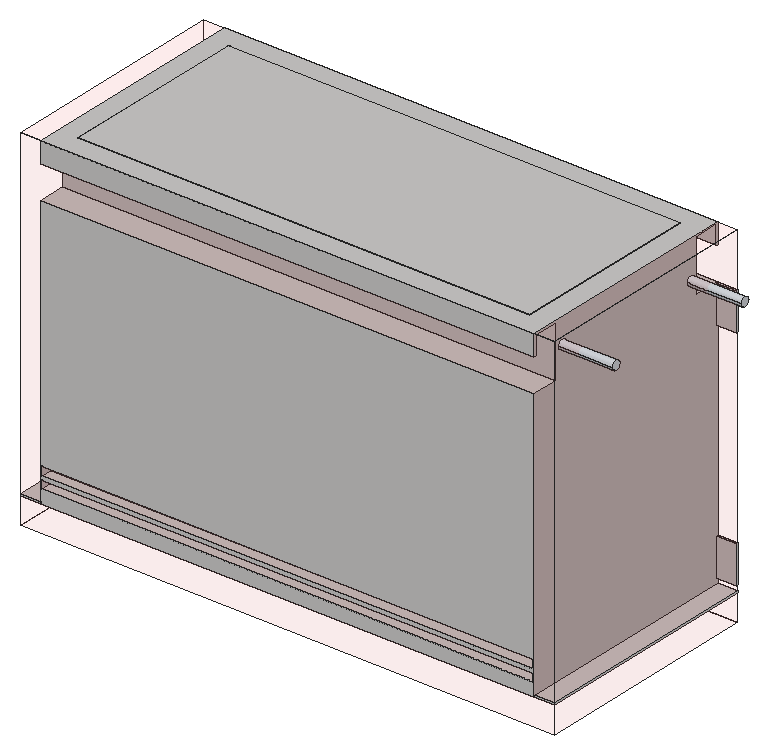
Revit family "Air-Curtain_Customer-Entry_PoweredAire_CHS", category Mechanical Equipment, host Face, Revit 2018
Family settings
  Host = Face
  Round Connector Dimension = Use Diameter
  Part Type = Normal
  OmniClass Number = 23.75.35.17.21
  OmniClass Title = Air Curtains
  Cut with Voids When Loaded = No
  Shared = No
  Room Calculation Point = No
Parameters
  upperrotation [instance] = if(Upper Pipe Connection Side A, 0.00°, 180.00°)  # 0.00°
  lowerrotation [instance] = if(Lower Pipe Connection Side A, 0.00°, 180.00°)  # 0.00°
  locateupperpipe [instance] = if(Upper Pipe Connection Side A, 0' 0", Nozzle Width)  # 0' - 0"
  locatelowerpipe [instance] = if(Lower Pipe Connection Side A, 0' 0", Nozzle Width)  # 0' - 0"
  Warranty Duration (Years) = 0
  Upper Pipe Connection Side A [instance] = yes
  Unit Width Notes = "Other Widths available."  # constant formula
  Unit Width = 3' - 3"
  Unit Weight = 0
  Unit Height = 1' - 4 3/4"
  Unit Depth [instance] = if(Include Filters, 2' 1 7/8", 1' 11 3/4")  # 1' - 11 3/4"
  URL = "http://www.poweredaire.com/"
  Test Data = ""
  Temperature Rise_Range = "as Specified"
  Standards Conformance = "as Specified"
  Specification = "http://www.arcat.com/sdspecs/htm04/23_34_33pai.htm"
  SpecWizard = ""
  Sound Pressure = "as Specified"
  Sales Information = "http://www.poweredaire.com/contact_us"
  Revision = "R1_2016-08"
  Projection from Host [instance] = 0' - 2"
  Product Properties = ""
  Product Data = "http://www.arcat.com/arcatcos/cos47/arc47623.html"
  Power Rating = 0 W
  Piping_Water Flow [instance] = 0 GPM
  Piping_Operating Pressure [instance] = 0.00 psi
  Piping_Exit Temperature [instance] = 0 °F
  Piping_Entry Temperature [instance] = 0 °F
  Pipe OD [instance] = 5/8"
  Outlet Volume_Range = "as Specified"
  Outlet Velocity_Range = "as Specified"
  Nozzle Width = if(1 = 1, Unit Width - 0' 3", 0' 0")  # 3' - 0"
  Mounting Width = if(1 = 1, Unit Width - 0' 1 1/2", 0' 0")  # 3' - 1 1/2"
  Mounting Height [instance] = 3' - 6"
  Motor RPM = 0
  Motor HP = 0
  Motor Count = 0
  Model = "As Specified"
  Max Height = 0' - 0"
  Manufacturer Website = "http://www.poweredaire.com/"
  Manufacturer Phone - Toll Free = "888-321-2473"
  Manufacturer Phone = "724-588-3305"
  Manufacturer Fax = "724-588-3371"
  Manufacturer Address = "109 Mortensen Rd.  Greenville, PA 16125"
  Manufacturer = "Powered Aire, Inc"
  Maintenance Schedule (Months) = 0
  Lower Pipe Connection Side A [instance] = yes
  Keynote = "23 34 33"
  Installation-Fabrication = ""
  Installation Phase = ""
  Include Filters [instance] = no
  Include Clearance [instance] = yes
  Heating Element Load = 0 W
  HVAC_Temperature Rise [instance] = 0 °F
  HVAC_Outlet Volume [instance] = 0 CFM
  HVAC_Outlet Velocity Uniformity = 0
  HVAC_Outlet Velocity [instance] = 0 FPM
  HVAC_BTU Input = 0.0 Btu/h
  Green Building-LEED = "http://www.arcat.com/green/clients/leed_data_47623.html"
  Front Grating Material [instance] = Metal - Steel - PoweredAire - Stainless 304 Perforated
  Frame Finish [instance] = Metal - Steel - PoweredAire - Stainless 304
  Expected Lifespan (Years) = 0
  Electrical_Wattage [instance] = Power Rating + Heating Element Load  # 0 W
  Electrical_Voltage [instance] = 0 V
  Electrical_Phase [instance] = 1
  Electrical_Frequency [instance] = 0 Hz
  Electrical_Amperage [instance] = 0 A
  Drawn By = "Sumex Design, Inc. / Robert S. Weygant, CSI, CDT, SCIP"
  Description = "Powered Aire Air Curtain as Specified"
  Default Elevation = 0' - 0"  # constant formula
  Copyright = "©Arcat Inc."
  Construction Details = "http://www.arcat.com/details/powair/prod3336.html"
  Clearance_Top [instance] = 0' - 0"
  Clearance_Side B [instance] = 0' - 0"
  Clearance_Side A [instance] = 0' - 0"
  Clearance_Intake [instance] = 0' - 0"
  Clearance_Bottom [instance] = 0' - 0"
  Clearance Material [instance] = ARCAT Clearance
  Building Codes = ""
  Available Options [instance] = "as Specified"
  Assembly Code = "D3090400"
Reference planes (in)
  plane 1 "Center (Elevation)": y = 0.13818
  plane 2: z = 0
  plane 3 "Center (Left/Right)": x = 0
  plane 4: y = 8.51318
  plane 5: y = -8.23682
  plane 6: x = -19.5
  plane 7: x = 19.5
  plane 8: z = 25.75
  plane 9 "FF": y = -41.86182
  plane 10: z = 2
  plane 11: x = 18
  plane 12: x = -18
  plane 13: y = 8.51318
  plane 14: y = -8.23682
  plane 15: x = -19.5
  plane 16: x = 19.5
  plane 17: z = 25.75
  plane 18: x = 17.9375
  plane 19: x = -17.9375
  plane 20: x = 18
  plane 21: x = 18
  plane 22: y = 6.01318
  plane 23: y = -5.73682
Forms (in)
  Extrusion 1, solid, material "Metal - Steel - PoweredAire - Stainless 304" <- "Frame Finish"
    sketch origin (0, 0, 0) x (0, 1, 0) y (0, 0, 1)
      loop
        line (-8.23682, 2) -> (8.51318, 2) -> (8.51318, 21.8125) -> (6.51318, 21.8125) -> (6.51318, 25.625) -> (8.38818, 25.625) -> (8.38818, 24.25) -> (8.51318, 24.25) -> (8.51318, 25.75) -> (-8.23682, 25.75) -> (-8.23682, 24.25) -> (-8.11182, 24.25) -> (-8.11182, 25.625) -> (-6.23682, 25.625) -> (-6.23682, 21.8125) -> (-8.23682, 21.8125) -> (-8.23682, 2)
    from -18 to 18
  Extrusion 2, solid, material "ARCAT Clearance" <- "Clearance Material", visible <- "Include Clearance"
    sketch origin (0, 0, 0) x (0, 1, 0) y (0, 0, 1)
      loop
        line (-8.23682, 25.75) -> (-8.23682, 0) -> (8.51318, 0) -> (8.51318, 25.75) -> (-8.23682, 25.75)
    from -19.5 to 19.5
  Extrusion 3, solid, material "Metal - Steel - PoweredAire - Stainless 304" <- "Frame Finish"
    sketch origin (-15.17702, -180, 2) x (-1, 0, 0) y (0, -1, 0)
      loop
        line (-33.17702, -188.51318) -> (-33.17702, -171.76318) -> (-34.67702, -171.76318) -> (-34.67702, -188.51318) -> (-33.17702, -188.51318)
      loop
        line (2.82298, -188.51318) -> (4.32298, -188.51318) -> (4.32298, -171.76318) -> (2.82298, -171.76318) -> (2.82298, -188.51318)
    from 0 to 0.125
  Extrusion 4, solid, material "Metal - Steel - PoweredAire - Stainless 304" <- "Frame Finish"
    sketch origin (-11.83813, 8.51318, 48) x (-1, 0, 0) y (0, 0, 1)
      loop
        line (-29.83813, -45.5) -> (-29.83813, -42.75) -> (-31.33813, -42.75) -> (-31.33813, -45.5) -> (-29.83813, -45.5)
      loop
        line (-29.83813, -28.9375) -> (-29.83813, -26.1875) -> (-31.33813, -26.1875) -> (-31.33813, -28.9375) -> (-29.83813, -28.9375)
      loop
        line (6.16187, -45.5) -> (7.66187, -45.5) -> (7.66187, -42.75) -> (6.16187, -42.75) -> (6.16187, -45.5)
      loop
        line (6.16187, -28.9375) -> (7.66187, -28.9375) -> (7.66187, -26.1875) -> (6.16187, -26.1875) -> (6.16187, -28.9375)
    from 0 to -0.125
  Extrusion 5, void
    sketch origin (0, 0, 0) x (0, 1, 0) y (0, 0, 1)
      loop
        line (-8.23682, 3) -> (-7.23682, 3) -> (-7.23682, 4.5) -> (-8.23682, 4.5) -> (-8.23682, 3.82425) -> (-7.38364, 3.82425) -> (-7.38364, 3.57425) -> (-8.23682, 3.57425) -> (-8.23682, 3)
    from -17.9375 to 17.9375
  Extrusion 6, solid, material "Metal - Steel - PoweredAire - Stainless 304 Perforated" <- "Front Grating Material"
    sketch origin (0, -8.23682, 25.75) x (0, 1, 0) y (-1, 0, 0)
      loop
        line (15.25, 16.5) -> (1.5, 16.5) -> (1.5, -16.5) -> (15.25, -16.5) -> (15.25, 16.5)
    from 0 to 0.03125
  Sweep 7, solid
    path origin (18, 6.01318, 0) x (1, 0, 0) y (0, 1, 0)
      loop
        line (0, 0) -> (4, 0)
    profile origin (20, 6.01318, 0) x (0, 1, 0) y (0, 0, 1)
      loop
        circle (0, 23) r 0.3125
  Sweep 8, solid
    path origin (18, -5.73682, 0) x (1, 0, 0) y (0, 1, 0)
      loop
        line (0, 0) -> (4, 0)
    profile origin (20, -5.73682, 0) x (0, 1, 0) y (0, 0, 1)
      loop
        circle (0, 24) r 0.3125
Cuts and joins
  Extrusion 5 cuts Extrusion 1
Lines and regions (in)
  reference lines
    curve 1: line (18, 6.01318, 0) -> (22.75, 6.01318, 0)
    curve 2: line (18, -5.73682, 0) -> (23.75, -5.73682, 0)
Dimensions and locks (in)
  equal spacing: plane 4, plane 1 "Center (Elevation)", plane 5
  "Unit Height": plane 4 to plane 5
  equal spacing: plane 6, plane 3 "Center (Left/Right)", plane 7
  "Unit Width": plane 6 to plane 7
  "Mounting Height": plane 1 "Center (Elevation)" to plane 9 "FF"
  "Projection from Host": plane 10 to level
  "Unit Depth": plane 8 to plane 10
  locked: plane 6 to plane 12 at 1.5
  locked: plane 11 to plane 7 at 1.5
  "Clearance_Side A": plane 7 to plane 16
  "Clearance_Side B": plane 15 to plane 6
  "Clearance_Top": plane 13 to plane 4
  "Clearance_Bottom": plane 5 to plane 14
  "Clearance_Intake": plane 17 to plane 8
  plane 5 to Extrusion 1 sketch curve to Extrusion 1 sketch curve = 0' - 0 1/8" locked, 0' - 1 7/8" locked
  Extrusion 1 sketch curve to Extrusion 1 sketch curve to plane 4 = 0' - 1 7/8" locked, 0' - 0 1/8" locked
  Extrusion 4 sketch curve to Extrusion 4 sketch curve to Extrusion 4 sketch curve to Extrusion 4 sketch curve to plane 10 = 0' - 2 3/4" locked, 1' - 1 13/16" locked, 0' - 2 3/4" locked, 0' - 0 1/2" locked
  Extrusion 4 sketch curve to Extrusion 4 sketch curve to Extrusion 4 sketch curve to Extrusion 4 sketch curve = 0' - 2 3/4" locked, 1' - 1 13/16" locked, 0' - 2 3/4" locked
  locked: Extrusion 4 sketch curve to plane 10 at 0.5
  plane 8 to Extrusion 1 sketch curve to Extrusion 1 sketch curve = 0' - 0 1/8" locked, 0' - 1 3/8" locked  (x2)
  locked: Extrusion 1 sketch curve to plane 10 at 19.8125  (x2)
  Extrusion 5 sketch curve to Extrusion 5 sketch curve to Extrusion 5 sketch curve to Extrusion 5 sketch curve to plane 10 = 0' - 0.67575" locked, 0' - 0 1/4" locked, 0' - 0.57425" locked, 0' - 1" locked
  plane 5 to Extrusion 5 sketch curve to Extrusion 5 sketch curve = 0' - 0.85319" locked, 0' - 0.14681" locked
  locked: plane 19 to plane 12 at 0.0625
  locked: plane 11 to plane 18 at 0.0625
  locked: plane 4 to Extrusion 6 sketch curve at 1.5
  locked: Extrusion 6 sketch curve to plane 5 at 1.5
  locked: Extrusion 6 sketch curve to plane 11 at 1.5
  locked: plane 12 to Extrusion 6 sketch curve at 1.5
  "locateupperpipe": plane 20 to plane 11
  "locatelowerpipe": plane 21 to plane 11
  locked: plane 4 to plane 22 at 2.5
  locked: plane 23 to plane 5 at 2.5
  locked: curve 1 to Sweep 7 sketch curve at 4
  locked: curve 1 to Sweep 7 sketch curve
  locked: Sweep 7 sketch curve to plane 10 at 21
  locked: curve 2 to Sweep 8 sketch curve at 4
  locked: curve 2 to Sweep 8 sketch curve
  locked: Sweep 8 sketch curve to plane 10 at 22
  "upperrotation": angle plane 22 to curve 1
  "lowerrotation": angle plane 23 to curve 2
  aligned and locked: plane 2 to host face
  aligned and locked: level to host face
  aligned and locked: Extrusion 2 sketch curve to plane 17
  aligned and locked: plane 14 to Extrusion 2 sketch curve
  aligned and locked: level to Extrusion 2 sketch curve
  aligned and locked: Extrusion 2 sketch curve to plane 13
  aligned and locked: plane 16 to Extrusion 2
  aligned and locked: Extrusion 2 to plane 15
  aligned and locked: plane 11 to Extrusion 1
  aligned and locked: Extrusion 1 to plane 12
  aligned and locked: plane 21 to curve 2
  aligned and locked: plane 23 to curve 2
  aligned and locked: plane 22 to curve 1
  aligned and locked: plane 20 to curve 1
Automatic sketch dimensions
  host sketch curve to host sketch curve = 8' - 0"  (x2)
  Extrusion 1 sketch curve to plane 5 = 0' - 0"  (x2)
  Extrusion 1 sketch curve to plane 4 = 0' - 0"  (x2)
  Extrusion 1 sketch curve to plane 10 = 0' - 0"
  Extrusion 1 sketch curve to plane 8 = 0' - 0"
  plane 4 to Extrusion 3 sketch curve = 0' - 0"
  Extrusion 3 sketch curve to plane 7 = 0' - 0"
  plane 5 to Extrusion 3 sketch curve = 0' - 0"
  Extrusion 3 sketch curve to plane 11 = 0' - 0"
  Extrusion 3 sketch curve to plane 4 = 0' - 0"
  Extrusion 3 sketch curve to plane 12 = 0' - 0"
  Extrusion 3 sketch curve to plane 6 = 0' - 0"
  Extrusion 3 sketch curve to plane 5 = 0' - 0"
  Extrusion 4 sketch curve to plane 7 = 0' - 0"  (x2)
  Extrusion 4 sketch curve to plane 11 = 0' - 0"  (x2)
  Extrusion 4 sketch curve to plane 12 = 0' - 0"  (x2)
  Extrusion 4 sketch curve to plane 6 = 0' - 0"  (x2)
  Extrusion 5 sketch curve to plane 5 = 0' - 0"  (x2)
  Sweep 7 sketch curve to profile plane = 0' - 0"
  Sweep 8 sketch curve to profile plane = 0' - 0"
  radius of Sweep 7 sketch curve = 0' - 0 5/16"
  radius of Sweep 8 sketch curve = 0' - 0 5/16"
Connectors (in)
  piping at (22, 6.01318, 23), diameter 0.625, driven by "Pipe OD", driven by "Piping_Water Flow"
    settings: on Sweep 7, index 1, connector inside diameter 24", connector length 0' - 0", flow factor 0, pipe flow 0 GPM, pressure drop 0.00 psi, fitting loss kfactor 0, connector angle 0.00°, fixture units 0, engagement length 0' - 0", angle of deflection 0.00°, flow configuration 0, flow direction 0, fitting loss method 0, system type 29, joint type 0, gender type 0, connector reference index -1, connector utility 0, adjustable connector no, is connector primary yes, connector description "Define Supply or Return and Location"
  piping at (22, -5.73682, 24), diameter 0.625, driven by "Pipe OD", driven by "Piping_Water Flow"
    settings: on Sweep 8, index 2, connector inside diameter 24", connector length 0' - 0", flow factor 0, pipe flow 0 GPM, pressure drop 0.00 psi, fitting loss kfactor 0, connector angle 0.00°, fixture units 0, engagement length 0' - 0", angle of deflection 0.00°, flow configuration 0, flow direction 0, fitting loss method 0, system type 29, joint type 0, gender type 0, connector reference index -1, connector utility 0, adjustable connector no, is connector primary no, connector description "Define Supply or Return and Location"
  electrical at (-18, 0.13818, 21.39062), driven by "Electrical_Voltage", driven by "Electrical_Phase"
    settings: on cut or joined group of Extrusion 1, Extrusion 5, index 3, voltage 0 V, apparent load 0 VA, apparent load phase1 0 VA, apparent load phase2 0 VA, apparent load phase3 0 VA, power factor 1, load classification "Motor", number of poles 1, system type 31, power factor state 1, is connector primary yes, connector utility no, sub classification motor no, connector description ""
